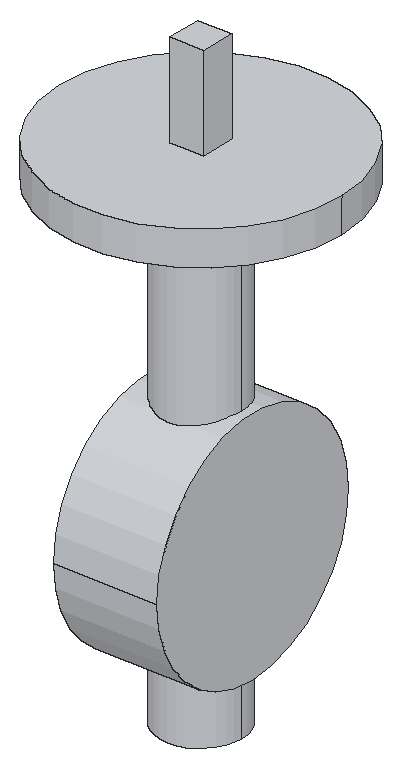
Revit family "HS497-68_disk-nerez_volné vřeteno DN040-RFA_2019", category Pipe Accessories, Revit 2019
Family settings
  Round Connector Dimension = Use Diameter
  Part Type = Valve - Breaks Into
  Work Plane-Based = No
  Always vertical = Yes
  Cut with Voids When Loaded = No
  Shared = No
Parameters (values of type "HS 497-68_DN040_PN16_volné vřeteno")
  magiProductId = "35f92312390745e88df5b5c325d9ee"
  magiProductFamilyId = "53cea81e6f374d17b8841d9c72ad77"
  magiPartTypeId = 305
  isMeasuringValve [instance] = no
  ang2D [instance] = 0.00°
  X11 = 61.456 mm
  X1 = 25.456 mm
  W2D = 1000 mm
  VersionID = "2.0/2017.9.26.1/ZETKAMA_497_001"
  Use Minimum Symbol Size [instance] = yes
  URL = "http://www.hydronic.cz"
  Type Comments = "mezipřírubová; nerezový disk; PN16; -10~+110°C (krátkodobě +120°C)"
  SW30 = no
  SW3 = no
  SW21 = no
  SW20 = no
  SW2 = no
  SW1 = yes
  R = 20 mm
  QmdConnectorList = "301;D;302;D"
  Productdata [instance] = ""
  NC = 50 mm
  Manufacturer = "Hydronic Systems Prague s.r.o."
  MM20 = 25.456 mm
  MC Product Code = "124 040 (nerezový disk, s volným vřetenem; DN40; PN16, kvs78)"
  M41 = 66 mm
  M4 = 44 mm
  LHL = 220 mm
  LHH3 = 2.45 mm
  LHH1 = 46.55 mm
  LH1 = 73.333 mm
  L4R__ve = -L4R  # -12.8 mm
  L4R = 12.8 mm
  L42__ve = -L42  # -96 mm
  L42 = 96 mm
  L41__ve = -L41  # -19.2 mm
  L41 = 19.2 mm
  L2D_Min = 3048 mm
  L2D = 216 mm
  L2 = 16.5 mm
  L1 = 26.4 mm
  L = 33 mm
  H = 30 mm
  G22 = 11.25 mm
  G2 = 22.5 mm
  G1 = 90 mm
  G = 90 mm
  F = 11 mm
  E44 = 31.25 mm
  E42 = 62.5 mm
  E4 = 125 mm
  E23 = 4.9 mm
  E22 = 19.6 mm
  E21 = 9.8 mm
  Description = "Mezipřírubová uzavírací klapka s volným vřetenem; nerezový disk, DN40; PN16; kvs78"
  DR2 = 20 mm
  DR = 76 mm
  DD1 = 15.625 mm
  DD = 12.5 mm
  D = 40 mm
  CAT0 = yes
  B2__ve = -B2  # -36 mm
  B2 = 36 mm
  A2 = 11 mm
  A1 = 79 mm
Types (43, lengths in mm): name | magiProductId | X11 | X1 | Type Comments | SW30 | SW3 | SW20 | SW2 | SW1 | R | NC | Manufacturer | MM20 | MC Product Code | M41 | M4 | LHL | LHH3 | LHH1 | LH1 | L4R__ve | L4R | L42__ve | L42 | L41__ve | L41 | L2 | L1 | L | H | G | F | E44 | E42 | E4 | E23 | E22 | E21 | Description | DR2 | DR | DD1 | DD | D | B2__ve | B2 | A2 | A1
  HS 497-68_DN100_PN16_volné vřeteno | "65d1b245f4f142c78569c0602d5754" | 61.456 | 25.456 | "mezipřírubová; nerezový disk; PN16; -10~+110°C (krátkodobě +120°C)" | no | no | no | no | yes | 50 | 50 | "Hydronic Systems Prague s.r.o." | 25.456 | "124 100 (nerezový disk, s volným vřetenem; DN100; PN16, kvs512)" | 66 | 44 | 220 | 2.45 | 46.55 | 73.333 | -12.8 | 12.8 | -96 | 96 | -19.2 | 19.2 | 26 | 41.6 | 52 | 30 | 90 | 11 | 31.25 | 62.5 | 125 | 4.9 | 19.6 | 9.8 | "Mezipřírubová uzavírací klapka s volným vřetenem; nerezový disk, DN100; PN16; kvs512" | 50 | 147 | 15.625 | 12.5 | 100 | -56 | 56 | 16.5 | 98.5
  HS 497-68_DN100_PN16_převodové kolo | "11e91b807e674d428c8e796fcdcfe2" | 61.456 | 25.456 | "mezipřírubová; nerezový disk; PN16; -10~+110°C (krátkodobě +120°C)" | yes | yes | no | no | no | 50 | 50 | "Hydronic Systems Prague s.r.o." | 25.456 | "126 100 (nerezový disk, s převodovým kolem; DN100; PN16, kvs512)" | 65.25 | 43.5 | 220 | 2.45 | 46.55 | 73.333 | -12.8 | 12.8 | -96 | 96 | -19.2 | 19.2 | 26 | 41.6 | 52 | 30 | 90 | 11 | 31.25 | 62.5 | 125 | 4.9 | 19.6 | 9.8 | "Mezipřírubová uzavírací klapka s převodovým kolem; nerezový disk, DN100; PN16; kvs512" | 50 | 147 | 15.625 | 12.5 | 100 | -56 | 56 | 16.5 | 98.5
  HS 497-68_DN100_PN16_s pákou | "28172f0b3f4b47b28323ac71cf8749" | 61.456 | 25.456 | "mezipřírubová; nerezový disk; PN16; -10~+110°C (krátkodobě +120°C)" | no | no | yes | yes | no | 50 | 50 | "Hydronic Systems Prague s.r.o." | 25.456 | "121 100 (nerezový disk, s pákou; DN100; PN16, kvs512)" | 66 | 44 | 260 | 3 | 57 | 86.667 | -12.8 | 12.8 | -96 | 96 | -19.2 | 19.2 | 26 | 41.6 | 52 | 30 | 90 | 11 | 31.25 | 62.5 | 125 | 6 | 24 | 12 | "Mezipřírubová uzavírací klapka s pákou; nerezový disk, DN100; PN16; kvs512" | 50 | 147 | 15.625 | 12.5 | 100 | -56 | 56 | 16.5 | 98.5
  HS 497-68_DN125_PN16_volné vřeteno | "0d813d910fc14f628bb3c2efbd185c" | 61.456 | 25.456 | "mezipřírubová; nerezový disk; PN16; -10~+110°C (krátkodobě +120°C)" | no | no | no | no | yes | 62.5 | 50 | "Hydronic Systems Prague s.r.o." | 25.456 | "124 125 (nerezový disk, s volným vřetenem; DN125; PN16, kvs872)" | 66 | 44 | 220 | 2.45 | 46.55 | 73.333 | -12.8 | 12.8 | -96 | 96 | -19.2 | 19.2 | 28 | 44.8 | 56 | 33 | 90 | 14 | 31.25 | 62.5 | 125 | 4.9 | 19.6 | 9.8 | "Mezipřírubová uzavírací klapka s volným vřetenem; nerezový disk, DN125; PN16; kvs872" | 62.5 | 180 | 15.625 | 12.5 | 125 | -64 | 64 | 18 | 99.5
  HS 497-68_DN125_PN16_převodové kolo | "c56b7c13f372467684996fb1e0e229" | 61.456 | 25.456 | "mezipřírubová; nerezový disk; PN16; -10~+110°C (krátkodobě +120°C)" | yes | yes | no | no | no | 62.5 | 50 | "Hydronic Systems Prague s.r.o." | 25.456 | "126125 (nerezový disk, s převodovým kolem; DN125; PN16, kvs872)" | 65.25 | 43.5 | 220 | 2.45 | 46.55 | 73.333 | -13.5 | 13.5 | -101.25 | 101.25 | -20.25 | 20.25 | 28 | 44.8 | 56 | 33 | 90 | 14 | 40 | 80 | 160 | 4.9 | 19.6 | 9.8 | "Mezipřírubová uzavírací klapka s převodovým kolem; nerezový disk, DN125; PN16; kvs872" | 62.5 | 180 | 20 | 16 | 125 | -64 | 64 | 18 | 99.5
  HS 497-68_DN125_PN16_s pákou | "105993c79a91492399feef7931321a" | 61.456 | 25.456 | "mezipřírubová; nerezový disk; PN16; -10~+110°C (krátkodobě +120°C)" | no | no | yes | yes | no | 62.5 | 50 | "Hydronic Systems Prague s.r.o." | 25.456 | "121 125 (nerezový disk, s pákou; DN125; PN16, kvs872)" | 66 | 44 | 315 | 3.75 | 71.25 | 105 | -12.8 | 12.8 | -96 | 96 | -19.2 | 19.2 | 28 | 44.8 | 56 | 33 | 90 | 14 | 31.25 | 62.5 | 125 | 7.5 | 30 | 15 | "Mezipřírubová uzavírací klapka s pákou; nerezový disk, DN125; PN16; kvs872" | 62.5 | 180 | 15.625 | 12.5 | 125 | -64 | 64 | 18 | 99.5
  HS 497-68_DN150_PN16_volné vřeteno | "50c80cb8ab434f55ab7796e5ac1331" | 61.456 | 25.456 | "mezipřírubová; nerezový disk; PN16; -10~+110°C (krátkodobě +120°C)" | no | no | no | no | yes | 75 | 50 | "Hydronic Systems Prague s.r.o." | 25.456 | "124 150 (nerezový disk, s volným vřetenem; DN150; PN16, kvs1347)" | 66 | 44 | 220 | 2.45 | 46.55 | 73.333 | -12.8 | 12.8 | -96 | 96 | -19.2 | 19.2 | 28 | 44.8 | 56 | 33 | 90 | 14 | 31.25 | 62.5 | 125 | 4.9 | 19.6 | 9.8 | "Mezipřírubová uzavírací klapka s volným vřetenem; nerezový disk, DN150; PN16; kvs1347" | 75 | 206 | 15.625 | 12.5 | 150 | -58 | 58 | 19.3 | 98.7
  HS 497-68_DN150_PN16_převodové kolo | "d94a1a0cf83b476eb10011b327f709" | 61.456 | 25.456 | "mezipřírubová; nerezový disk; PN16; -10~+110°C (krátkodobě +120°C)" | yes | yes | no | no | no | 75 | 50 | "Hydronic Systems Prague s.r.o." | 25.456 | "126 150 (nerezový disk, s převodovým kolem; DN150; PN16, kvs1347)" | 65.25 | 43.5 | 220 | 2.45 | 46.55 | 73.333 | -13.5 | 13.5 | -101.25 | 101.25 | -20.25 | 20.25 | 28 | 44.8 | 56 | 33 | 90 | 14 | 40 | 80 | 160 | 4.9 | 19.6 | 9.8 | "Mezipřírubová uzavírací klapka s převodovým kolem; nerezový disk, DN150; PN16; kvs1347" | 75 | 206 | 20 | 16 | 150 | -58 | 58 | 19.3 | 98.7
  HS 497-68_DN150_PN16_s pákou | "4d2835523fe84828bc50ff0a5a0dfb" | 61.456 | 25.456 | "mezipřírubová; nerezový disk; PN16; -10~+110°C (krátkodobě +120°C)" | no | no | yes | yes | no | 75 | 50 | "Hydronic Systems Prague s.r.o." | 25.456 | "121 150 (nerezový disk, s pákou; DN150; PN16, kvs1347)" | 66 | 44 | 315 | 3.75 | 71.25 | 105 | -12.8 | 12.8 | -96 | 96 | -19.2 | 19.2 | 28 | 44.8 | 56 | 33 | 90 | 14 | 31.25 | 62.5 | 125 | 7.5 | 30 | 15 | "Mezipřírubová uzavírací klapka s pákou; nerezový disk, DN150; PN16; kvs1347" | 75 | 206 | 15.625 | 12.5 | 150 | -58 | 58 | 19.3 | 98.7
  HS 497-68_DN200_PN16_volné vřeteno | "5b29029eaeba47139ee1055a4b9201" | 61.456 | 25.456 | "mezipřírubová; nerezový disk; PN16; -10~+110°C (krátkodobě +120°C)" | no | no | no | no | yes | 100 | 50 | "Hydronic Systems Prague s.r.o." | 25.456 | "124 200 (nerezový disk, s volným vřetenem; DN200; PN16, kvs2675)" | 66 | 44 | 220 | 2.45 | 46.55 | 73.333 | -12.8 | 12.8 | -96 | 96 | -19.2 | 19.2 | 30 | 48 | 60 | 33 | 90 | 17 | 31.25 | 62.5 | 125 | 4.9 | 19.6 | 9.8 | "Mezipřírubová uzavírací klapka s volným vřetenem; nerezový disk, DN200; PN16; kvs2675" | 100 | 257 | 15.625 | 12.5 | 200 | -70 | 70 | 22.5 | 102.5
  HS 497-68_DN200_PN16_převodové kolo | "b2793cc1fcc44cf2a35062cd67c04f" | 61.456 | 25.456 | "mezipřírubová; nerezový disk; PN16; -10~+110°C (krátkodobě +120°C)" | yes | yes | no | no | no | 100 | 57 | "Hydronic Systems Prague s.r.o." | 25.456 | "126 200 (nerezový disk, s převodovým kolem; DN200; PN16, kvs2675)" | 78.75 | 52.5 | 220 | 2.45 | 46.55 | 73.333 | -15.2 | 15.2 | -114 | 114 | -22.8 | 22.8 | 30 | 48 | 60 | 33 | 90 | 17 | 50 | 100 | 200 | 4.9 | 19.6 | 9.8 | "Mezipřírubová uzavírací klapka s převodovým kolem; nerezový disk, DN200; PN16; kvs2675" | 100 | 257 | 25 | 20 | 200 | -70 | 70 | 22.5 | 102.5
  HS 497-68_DN200_PN16_s pákou | "f88d96c7af224537a51e72d7d8fffe" | 61.456 | 25.456 | "mezipřírubová; nerezový disk; PN16; -10~+110°C (krátkodobě +120°C)" | no | no | yes | yes | no | 100 | 50 | "Hydronic Systems Prague s.r.o." | 25.456 | "121 200 (nerezový disk, s pákou; DN200; PN16, kvs2675)" | 66 | 44 | 315 | 3.75 | 71.25 | 105 | -12.8 | 12.8 | -96 | 96 | -19.2 | 19.2 | 30 | 48 | 60 | 33 | 90 | 17 | 31.25 | 62.5 | 125 | 7.5 | 30 | 15 | "Mezipřírubová uzavírací klapka s pákou; nerezový disk, DN200; PN16; kvs2675" | 100 | 257 | 15.625 | 12.5 | 200 | -70 | 70 | 22.5 | 102.5
  HS 497-68_DN250_PN16_volné vřeteno | "b662e8305ca2402b9c510e66e6aa55" | 88.77 | 36.77 | "mezipřírubová; nerezový disk; PN16; -10~+110°C (krátkodobě +120°C)" | no | no | no | no | yes | 125 | 50 | "Hydronic Systems Prague s.r.o." | 36.77 | "124 250 (nerezový disk, s volným vřetenem; DN250; PN16, kvs4555)" | 66 | 44 | 220 | 2.45 | 46.55 | 73.333 | -12.8 | 12.8 | -96 | 96 | -19.2 | 19.2 | 34 | 54.4 | 68 | 23 | 130 | 22 | 31.25 | 62.5 | 125 | 4.9 | 19.6 | 9.8 | "Mezipřírubová uzavírací klapka s volným vřetenem; nerezový disk, DN250; PN16; kvs4555" | 125 | 324 | 15.625 | 12.5 | 250 | -85 | 85 | 28.25 | 129.25
  HS 497-68_DN250_PN16_převodové kolo | "5ee9016806664ddfaa2632711f295c" | 88.77 | 36.77 | "mezipřírubová; nerezový disk; PN16; -10~+110°C (krátkodobě +120°C)" | yes | yes | no | no | no | 125 | 70 | "Hydronic Systems Prague s.r.o." | 36.77 | "126 250 (nerezový disk, s převodovým kolem; DN250; PN16, kvs4555)" | 91.5 | 61 | 220 | 2.45 | 46.55 | 73.333 | -22.2 | 22.2 | -166.5 | 166.5 | -33.3 | 33.3 | 34 | 54.4 | 68 | 23 | 130 | 22 | 62.5 | 125 | 250 | 4.9 | 19.6 | 9.8 | "Mezipřírubová uzavírací klapka s převodovým kolem; nerezový disk, DN250; PN16; kvs4555" | 125 | 324 | 31.25 | 25 | 250 | -85 | 85 | 28.25 | 129.25
  HS 497-68_DN300_PN16_volné vřeteno | "e1886f51ff004380a649519258edf2" | 88.77 | 36.77 | "mezipřírubová; nerezový disk; PN16; -10~+110°C (krátkodobě +120°C)" | no | no | no | no | yes | 150 | 50 | "Hydronic Systems Prague s.r.o." | 36.77 | "124 300 (nerezový disk, s volným vřetenem; DN300; PN16, kvs7037)" | 66 | 44 | 220 | 2.45 | 46.55 | 73.333 | -12.8 | 12.8 | -96 | 96 | -19.2 | 19.2 | 39 | 62.4 | 78 | 23 | 130 | 22 | 31.25 | 62.5 | 125 | 4.9 | 19.6 | 9.8 | "Mezipřírubová uzavírací klapka s volným vřetenem; nerezový disk, DN300; PN16; kvs7037" | 150 | 376 | 15.625 | 12.5 | 300 | -90 | 90 | 30.8 | 127.2
  HS 497-68_DN300_PN16_převodové kolo | "6860f094f77d42088fbebc3c97f755" | 88.77 | 36.77 | "mezipřírubová; nerezový disk; PN16; -10~+110°C (krátkodobě +120°C)" | yes | yes | no | no | no | 150 | 70 | "Hydronic Systems Prague s.r.o." | 36.77 | "126 300 (nerezový disk, s převodovým kolem; DN300; PN16, kvs7037)" | 91.5 | 61 | 220 | 2.45 | 46.55 | 73.333 | -22.2 | 22.2 | -166.5 | 166.5 | -33.3 | 33.3 | 39 | 62.4 | 78 | 23 | 130 | 22 | 62.5 | 125 | 250 | 4.9 | 19.6 | 9.8 | "Mezipřírubová uzavírací klapka s převodovým kolem; nerezový disk, DN300; PN16; kvs7037" | 150 | 376 | 31.25 | 25 | 300 | -90 | 90 | 30.8 | 127.2
  HS 497-68_DN032_PN16_volné vřeteno | "8c5f65de52aa4067a77564107e31b2" | 61.456 | 25.456 | "mezipřírubová; nerezový disk; PN16; -10~+110°C (krátkodobě +120°C)" | no | no | no | no | yes | 16 | 50 | "Hydronic Systems Prague s.r.o." | 25.456 | "124 032 (nerezový disk, s volným vřetenem; DN32; PN16, kvs78)" | 66 | 44 | 220 | 2.45 | 46.55 | 73.333 | -12.8 | 12.8 | -96 | 96 | -19.2 | 19.2 | 16.5 | 26.4 | 33 | 30 | 90 | 11 | 31.25 | 62.5 | 125 | 4.9 | 19.6 | 9.8 | "Mezipřírubová uzavírací klapka s volným vřetenem; nerezový disk, DN32; PN16; kvs78" | 16 | 68 | 15.625 | 12.5 | 32 | -44.2 | 44.2 | 10.25 | 76.25
  HS 497-68_DN032_PN16_převodové kolo | "60aaeffa8b3a4e809ef000e4660060" | 61.456 | 25.456 | "mezipřírubová; nerezový disk; PN16; -10~+110°C (krátkodobě +120°C)" | yes | yes | no | no | no | 16 | 50 | "Hydronic Systems Prague s.r.o." | 25.456 | "126 032 (nerezový disk, s převodovým kolem; DN32; PN16, kvs78)" | 65.25 | 43.5 | 220 | 2.45 | 46.55 | 73.333 | -12.8 | 12.8 | -96 | 96 | -19.2 | 19.2 | 16.5 | 26.4 | 33 | 30 | 90 | 11 | 31.25 | 62.5 | 125 | 4.9 | 19.6 | 9.8 | "Mezipřírubová uzavírací klapka s převodovým kolem; nerezový disk, DN32; PN16; kvs78" | 16 | 68 | 15.625 | 12.5 | 32 | -44.2 | 44.2 | 10.25 | 76.25
  HS 497-68_DN032_PN16_s pákou | "9ad8088d610749a1b871aa2aad8007" | 61.456 | 25.456 | "mezipřírubová; nerezový disk; PN16; -10~+110°C (krátkodobě +120°C)" | no | no | yes | yes | no | 16 | 50 | "Hydronic Systems Prague s.r.o." | 25.456 | "121 032 (nerezový disk, s pákou; DN32; PN16, kvs78)" | 66 | 44 | 220 | 2.45 | 46.55 | 73.333 | -12.8 | 12.8 | -96 | 96 | -19.2 | 19.2 | 16.5 | 26.4 | 33 | 30 | 90 | 11 | 31.25 | 62.5 | 125 | 4.9 | 19.6 | 9.8 | "Mezipřírubová uzavírací klapka s pákou; nerezový disk, DN32; PN16; kvs78" | 16 | 68 | 15.625 | 12.5 | 32 | -44.2 | 44.2 | 10.25 | 76.25
  HS 497-68_DN350_PN10_volné vřeteno | "72a1e05f22944421b7e9596a877137" | 109.255 | 45.255 | "mezipřírubová; nerezový disk; PN10; -10~+110°C (krátkodobě +120°C)" | no | no | no | no | yes | 175 | 50 | "Hydronic Systems Prague s.r.o." | 45.255 | "124 350 (nerezový disk, s volným vřetenem; DN350; PN10, kvs10165)" | 66 | 44 | 220 | 2.45 | 46.55 | 73.333 | -12.8 | 12.8 | -96 | 96 | -19.2 | 19.2 | 39 | 62.4 | 78 | 31 | 160 | 22 | 31.25 | 62.5 | 125 | 4.9 | 19.6 | 9.8 | "Mezipřírubová uzavírací klapka s volným vřetenem; nerezový disk, DN350; PN10; kvs10165" | 175 | 430 | 15.625 | 12.5 | 350 | -88 | 88 | 33.85 | 129.65
  HS 497-68_DN350_PN10_převodové kolo | "a5a01426cb28494ba3afca92f1dace" | 109.255 | 45.255 | "mezipřírubová; nerezový disk; PN10; -10~+110°C (krátkodobě +120°C)" | yes | yes | no | no | no | 175 | 70 | "Hydronic Systems Prague s.r.o." | 45.255 | "126 350 (nerezový disk, s převodovým kolem; DN350; PN10, kvs10165)" | 91.5 | 61 | 220 | 2.45 | 46.55 | 73.333 | -22.2 | 22.2 | -166.5 | 166.5 | -33.3 | 33.3 | 39 | 62.4 | 78 | 31 | 160 | 22 | 62.5 | 125 | 250 | 4.9 | 19.6 | 9.8 | "Mezipřírubová uzavírací klapka s převodovým kolem; nerezový disk, DN350; PN10; kvs10165" | 175 | 430 | 31.25 | 25 | 350 | -88 | 88 | 33.85 | 129.65
  HS 497-68_DN400_PN10_volné vřeteno | "c70ebeb927c04ab99b176e257ad0a7" | 109.255 | 45.255 | "mezipřírubová; nerezový disk; PN10; -10~+110°C (krátkodobě +120°C)" | no | no | no | no | yes | 200 | 50 | "Hydronic Systems Prague s.r.o." | 45.255 | "124 400 (nerezový disk, s volným vřetenem; DN400; PN10, kvs13799)" | 66 | 44 | 220 | 2.45 | 46.55 | 73.333 | -12.8 | 12.8 | -96 | 96 | -19.2 | 19.2 | 51 | 81.6 | 102 | 31 | 160 | 27 | 31.25 | 62.5 | 125 | 4.9 | 19.6 | 9.8 | "Mezipřírubová uzavírací klapka s volným vřetenem; nerezový disk, DN400; PN10; kvs13799" | 200 | 485 | 15.625 | 12.5 | 400 | -108 | 108 | 38 | 142
  HS 497-68_DN400_PN10_převodové kolo | "cc64a4384dcb41b780d81810f4f293" | 109.255 | 45.255 | "mezipřírubová; nerezový disk; PN10; -10~+110°C (krátkodobě +120°C)" | yes | yes | no | no | no | 200 | 72.5 | "Hydronic Systems Prague s.r.o." | 45.255 | "126 400 (nerezový disk, s převodovým kolem; DN400; PN10, kvs13799)" | 103.5 | 69 | 220 | 2.45 | 46.55 | 73.333 | -27.8 | 27.8 | -208.5 | 208.5 | -41.7 | 41.7 | 51 | 81.6 | 102 | 31 | 160 | 27 | 75 | 150 | 300 | 4.9 | 19.6 | 9.8 | "Mezipřírubová uzavírací klapka s převodovým kolem; nerezový disk, DN400; PN10; kvs13799" | 200 | 485 | 37.5 | 30 | 400 | -108 | 108 | 38 | 142
  HS 497-68_DN040_PN16_volné vřeteno | "35f92312390745e88df5b5c325d9ee" | 61.456 | 25.456 | "mezipřírubová; nerezový disk; PN16; -10~+110°C (krátkodobě +120°C)" | no | no | no | no | yes | 20 | 50 | "Hydronic Systems Prague s.r.o." | 25.456 | "124 040 (nerezový disk, s volným vřetenem; DN40; PN16, kvs78)" | 66 | 44 | 220 | 2.45 | 46.55 | 73.333 | -12.8 | 12.8 | -96 | 96 | -19.2 | 19.2 | 16.5 | 26.4 | 33 | 30 | 90 | 11 | 31.25 | 62.5 | 125 | 4.9 | 19.6 | 9.8 | "Mezipřírubová uzavírací klapka s volným vřetenem; nerezový disk, DN40; PN16; kvs78" | 20 | 76 | 15.625 | 12.5 | 40 | -36 | 36 | 11 | 79
  HS 497-68_DN040_PN16_převodové kolo | "d88e968eae3445bc9b7b4e6ff35127" | 61.456 | 25.456 | "mezipřírubová; nerezový disk; PN16; -10~+110°C (krátkodobě +120°C)" | yes | yes | no | no | no | 20 | 50 | "Hydronic Systems Prague s.r.o." | 25.456 | "126 040 (nerezový disk, s převodovým kolem; DN40; PN16, kvs78)" | 65.25 | 43.5 | 220 | 2.45 | 46.55 | 73.333 | -12.8 | 12.8 | -96 | 96 | -19.2 | 19.2 | 16.5 | 26.4 | 33 | 30 | 90 | 11 | 31.25 | 62.5 | 125 | 4.9 | 19.6 | 9.8 | "Mezipřírubová uzavírací klapka s převodovým kolem; nerezový disk, DN40; PN16; kvs78" | 20 | 76 | 15.625 | 12.5 | 40 | -36 | 36 | 11 | 79
  HS 497-68_DN040_PN16_s pákou | "c1b522ca65b4407a98818f232eaacb" | 61.456 | 25.456 | "mezipřírubová; nerezový disk; PN16; -10~+110°C (krátkodobě +120°C)" | no | no | yes | yes | no | 20 | 50 | "Hydronic Systems Prague s.r.o." | 25.456 | "121 040 (nerezový disk, s pákou; DN40; PN16, kvs78)" | 66 | 44 | 220 | 2.45 | 46.55 | 73.333 | -12.8 | 12.8 | -96 | 96 | -19.2 | 19.2 | 16.5 | 26.4 | 33 | 30 | 90 | 11 | 31.25 | 62.5 | 125 | 4.9 | 19.6 | 9.8 | "Mezipřírubová uzavírací klapka s pákou; nerezový disk, DN40; PN16; kvs78" | 20 | 76 | 15.625 | 12.5 | 40 | -36 | 36 | 11 | 79
  HS 497-68_DN450_PN10_volné vřeteno | "a8358bc282f14872b3194e530e590a" | 129.74 | 53.74 | "mezipřírubová; nerezový disk; PN10; -10~+110°C (krátkodobě +120°C)" | no | no | no | no | yes | 225 | 50 | "Hydronic Systems Prague s.r.o." | 53.74 | "124 450 (nerezový disk, s volným vřetenem; DN450; PN10, kvs18514)" | 66 | 44 | 220 | 2.45 | 46.55 | 73.333 | -12.8 | 12.8 | -96 | 96 | -19.2 | 19.2 | 57 | 91.2 | 114 | 38 | 190 | 36 | 31.25 | 62.5 | 125 | 4.9 | 19.6 | 9.8 | "Mezipřírubová uzavírací klapka s volným vřetenem; nerezový, DN450; PN10; kvs18514" | 225 | 536 | 15.625 | 12.5 | 450 | -115 | 115 | 38.05 | 117.45
  HS 497-68_DN450_PN10_převodové kolo | "cdf2d80f54a9414f9cbe50647c0ebd" | 129.74 | 53.74 | "mezipřírubová; nerezový disk; PN10; -10~+110°C (krátkodobě +120°C)" | yes | yes | no | no | no | 225 | 91.5 | "Zetkama" | 53.74 | "126 450 (nerezový disk, s převodovým kolem; DN450; PN10, kvs18514)" | 144.75 | 96.5 | 220 | 2.45 | 46.55 | 73.333 | -32.1 | 32.1 | -240.75 | 240.75 | -48.15 | 48.15 | 57 | 91.2 | 114 | 38 | 190 | 36 | 100 | 200 | 400 | 4.9 | 19.6 | 9.8 | "Mezipřírubová uzavírací klapka s převodovým kolem; nerezový disk, DN450; PN10; kvs18514" | 225 | 536 | 50 | 40 | 450 | -115 | 115 | 38.05 | 117.45
  HS 497-68_DN500_PN10_volné vřeteno | "8c396e27bb2743f98f3c762b6517cd" | 143.397 | 59.397 | "mezipřírubová; nerezový disk; PN10; -10~+110°C (krátkodobě +120°C)" | no | no | no | no | yes | 250 | 50 | "Hydronic Systems Prague s.r.o." | 59.397 | "124 500 (nerezový disk, s volným vřetenem; DN500; PN10, kvs23805)" | 66 | 44 | 220 | 2.45 | 46.55 | 73.333 | -12.8 | 12.8 | -96 | 96 | -19.2 | 19.2 | 63.5 | 101.6 | 127 | 38 | 210 | 36 | 31.25 | 62.5 | 125 | 4.9 | 19.6 | 9.8 | "Mezipřírubová uzavírací klapka s volným vřetenem; nerezový disk, DN500; PN10; kvs23805" | 250 | 593 | 15.625 | 12.5 | 500 | -130 | 130 | 43.25 | 139.25
  HS 497-68_DN500_PN10_převodové kolo | "7647804f32e94cef828a7034a91a46" | 143.397 | 59.397 | "mezipřírubová; nerezový disk; PN10; -10~+110°C (krátkodobě +120°C)" | yes | yes | no | no | no | 250 | 91.5 | "Zetkama" | 59.397 | "126 500 (nerezový disk, s převodovým kolem; DN500; PN10, kvs23805)" | 144.75 | 96.5 | 220 | 2.45 | 46.55 | 73.333 | -32.1 | 32.1 | -240.75 | 240.75 | -48.15 | 48.15 | 63.5 | 101.6 | 127 | 38 | 210 | 36 | 100 | 200 | 400 | 4.9 | 19.6 | 9.8 | "Mezipřírubová uzavírací klapka s převodovým kolem; nerezový disk, DN500; PN10; kvs23805" | 250 | 593 | 50 | 40 | 500 | -130 | 130 | 43.25 | 139.25
  HS 497-68_DN050_volné vřeteno | "d71f296ecd6d4adf8f6e5d9853b4e0" | 61.456 | 25.456 | "mezipřírubová; nerezový disk; PN16; -10~+110°C (krátkodobě +120°C)" | no | no | no | no | yes | 25 | 50 | "Hydronic Systems Prague s.r.o." | 25.456 | "124 050 (nerezový disk, s volným vřetenem; DN50; PN16, kvs98)" | 66 | 44 | 220 | 2.45 | 46.55 | 73.333 | -12.8 | 12.8 | -96 | 96 | -19.2 | 19.2 | 21.5 | 34.4 | 43 | 30 | 90 | 11 | 31.25 | 62.5 | 125 | 4.9 | 19.6 | 9.8 | "Mezipřírubová uzavírací klapka s volným vřetenem; nerezový disk, DN50; PN16; kvs98" | 25 | 100 | 15.625 | 12.5 | 50 | -36.5 | 36.5 | 12 | 83
  HS 497-68_DN050_PN16_převodové kolo | "2fb080deeaed49c58418b94c1da5a4" | 61.456 | 25.456 | "mezipřírubová; nerezový disk; PN16; -10~+110°C (krátkodobě +120°C)" | yes | yes | no | no | no | 25 | 50 | "Hydronic Systems Prague s.r.o." | 25.456 | "126 050 (nerezový disk, s převodovým kolem; DN50; PN16, kvs98)" | 65.25 | 43.5 | 220 | 2.45 | 46.55 | 73.333 | -12.8 | 12.8 | -96 | 96 | -19.2 | 19.2 | 21.5 | 34.4 | 43 | 30 | 90 | 11 | 31.25 | 62.5 | 125 | 4.9 | 19.6 | 9.8 | "Mezipřírubová uzavírací klapka s převodovým kolem; nerezový disk, DN50; PN16; kvs98" | 25 | 100 | 15.625 | 12.5 | 50 | -36.5 | 36.5 | 12 | 83
  HS 497-68_DN050_PN16_s pákou | "dabc632061f94877a994b9b4e68112" | 61.456 | 25.456 | "mezipřírubová; nerezový disk; PN16; -10~+110°C (krátkodobě +120°C)" | no | no | yes | yes | no | 25 | 50 | "Hydronic Systems Prague s.r.o." | 25.456 | "121 050 (nerezový disk, s pákou; DN50; PN16, kvs98)" | 66 | 44 | 220 | 2.45 | 46.55 | 73.333 | -12.8 | 12.8 | -96 | 96 | -19.2 | 19.2 | 21.5 | 34.4 | 43 | 30 | 90 | 11 | 31.25 | 62.5 | 125 | 4.9 | 19.6 | 9.8 | "Mezipřírubová uzavírací klapka s pákou; nerezový disk, DN50; PN16; kvs98" | 25 | 100 | 15.625 | 12.5 | 50 | -36.5 | 36.5 | 12 | 83
  HS 497-68_DN600_PN10_volné vřeteno | "99d5892c14664fce81a7c5903f7711" | 143.397 | 59.397 | "mezipřírubová; nerezový disk; PN10; -10~+110°C (krátkodobě +120°C)" | no | no | no | no | yes | 300 | 50 | "Hydronic Systems Prague s.r.o." | 59.397 | "124 600 (nerezový disk, s volným vřetenem; DN600; PN10, kvs36778)" | 66 | 44 | 220 | 2.45 | 46.55 | 73.333 | -12.8 | 12.8 | -96 | 96 | -19.2 | 19.2 | 77 | 123.2 | 154 | 80 | 210 | 60 | 31.25 | 62.5 | 125 | 4.9 | 19.6 | 9.8 | "Mezipřírubová uzavírací klapka s volným vřetenem; nerezový disk, DN600; PN10; kvs36788" | 300 | 690 | 15.625 | 12.5 | 600 | -140 | 140 | 49.4 | 144.6
  HS 497-68_DN600_PN10_převodové kolo | "b1e26faab48a4c499f6bb11e7e3002" | 143.397 | 59.397 | "mezipřírubová; lnerezový disk; PN10; -10~+110°C (krátkodobě +120°C)" | yes | yes | no | no | no | 300 | 140 | "Hydronic Systems Prague s.r.o." | 59.397 | "126 600 (nerezový disk, s převodovým kolem; DN600; PN10, kvs36778)" | 206.25 | 137.5 | 220 | 2.45 | 46.55 | 73.333 | -40.8 | 40.8 | -306 | 306 | -61.2 | 61.2 | 77 | 123.2 | 154 | 80 | 210 | 60 | 125 | 250 | 500 | 4.9 | 19.6 | 9.8 | "Mezipřírubová uzavírací klapka s převodovým kolem; nerezový disk, DN600; PN10; kvs36788" | 300 | 690 | 62.5 | 50 | 600 | -140 | 140 | 49.4 | 144.6
  HS 497-68_DN065_PN16_volné vřeteno | "5e5e208646e34ec29f889baab5d08e" | 61.456 | 25.456 | "mezipřírubová; lnerezový disk; PN16; -10~+110°C (krátkodobě +120°C)" | no | no | no | no | yes | 32.5 | 50 | "Hydronic Systems Prague s.r.o." | 25.456 | "124 065 (nerezový disk, s volným vřetenem; DN65; PN16, kvs167)" | 66 | 44 | 220 | 2.45 | 46.55 | 73.333 | -12.8 | 12.8 | -96 | 96 | -19.2 | 19.2 | 23 | 36.8 | 46 | 30 | 90 | 11 | 31.25 | 62.5 | 125 | 4.9 | 19.6 | 9.8 | "Mezipřírubová uzavírací klapka s volným vřetenem; nerezový disk, DN65; PN16; kv167" | 32.5 | 108 | 15.625 | 12.5 | 65 | -36.5 | 36.5 | 13.5 | 89
  HS 497-68_DN065_PN16_převodové kolo | "654d74c8d15540b0bfe523d988ccb3" | 61.456 | 25.456 | "mezipřírubová; nerezový disk; PN16; -10~+110°C (krátkodobě +120°C)" | yes | yes | no | no | no | 32.5 | 50 | "Hydronic Systems Prague s.r.o." | 25.456 | "126 065 (nerezový disk, s převodovým kolem; DN65; PN16, kvs167)" | 65.25 | 43.5 | 220 | 2.45 | 46.55 | 73.333 | -12.8 | 12.8 | -96 | 96 | -19.2 | 19.2 | 23 | 36.8 | 46 | 30 | 90 | 11 | 31.25 | 62.5 | 125 | 4.9 | 19.6 | 9.8 | "Mezipřírubová uzavírací klapka s převodovým kolem; nerezový disk, DN65; PN16; kvs167" | 32.5 | 108 | 15.625 | 12.5 | 65 | -36.5 | 36.5 | 13.5 | 89
  HS 497-68_DN065_PN16_s pákou | "ebeb4b59db0641caaf6d6635ab37b9" | 61.456 | 25.456 | "mezipřírubová; nerezový disk; PN16; -10~+110°C (krátkodobě +120°C)" | no | no | yes | yes | no | 32.5 | 50 | "Hydronic Systems Prague s.r.o." | 25.456 | "121 065 (nerezový disk, s pákou; DN65; PN16, kvs167)" | 66 | 44 | 220 | 2.45 | 46.55 | 73.333 | -12.8 | 12.8 | -96 | 96 | -19.2 | 19.2 | 23 | 36.8 | 46 | 30 | 90 | 11 | 31.25 | 62.5 | 125 | 4.9 | 19.6 | 9.8 | "Mezipřírubová uzavírací klapka s pákou; nerezový disk, DN65; PN16; kvs167" | 32.5 | 108 | 15.625 | 12.5 | 65 | -36.5 | 36.5 | 13.5 | 89
  HS 497-68_DN080_PN16_volné vřeteno | "9e85c75c18654e1185a9c48ed6b00e" | 61.456 | 25.456 | "mezipřírubová; nerezový disk; PN16; -10~+110°C (krátkodobě +120°C)" | no | no | no | no | yes | 40 | 50 | "Hydronic Systems Prague s.r.o." | 25.456 | "124 080 (nerezový disk, s volným vřetenem; DN80; PN16, kvs258)" | 66 | 44 | 220 | 2.45 | 46.55 | 73.333 | -12.8 | 12.8 | -96 | 96 | -19.2 | 19.2 | 23 | 36.8 | 46 | 30 | 90 | 11 | 31.25 | 62.5 | 125 | 4.9 | 19.6 | 9.8 | "Mezipřírubová uzavírací klapka s volným vřetenem; nerezový disk, DN80; PN16; kvs258" | 40 | 124 | 15.625 | 12.5 | 80 | -54 | 54 | 14.1 | 86.9
  HS 497-68_DN080_PN16_převodové kolo | "5b3c8238c3d041e68c75b199e7ea46" | 61.456 | 25.456 | "mezipřírubová; nerezový disk; PN16; -10~+110°C (krátkodobě +120°C)" | yes | yes | no | no | no | 40 | 50 | "Hydronic Systems Prague s.r.o." | 25.456 | "126 080 (nerezový disk, s převodovým kolem; DN80; PN16, kvs258)" | 65.25 | 43.5 | 220 | 2.45 | 46.55 | 73.333 | -12.8 | 12.8 | -96 | 96 | -19.2 | 19.2 | 23 | 36.8 | 46 | 30 | 90 | 11 | 31.25 | 62.5 | 125 | 4.9 | 19.6 | 9.8 | "Mezipřírubová uzavírací klapka s převodovým kolem; nerezový disk, DN80; PN16; kvs258" | 40 | 124 | 15.625 | 12.5 | 80 | -54 | 54 | 14.1 | 86.9
  HS 497-68_DN080_PN16_s pákou | "e414795fab0f4eccb99bc3572c5477" | 61.456 | 25.456 | "mezipřírubová; nerezový disk; PN16; -10~+110°C (krátkodobě +120°C)" | no | no | yes | yes | no | 40 | 50 | "Hydronic Systems Prague s.r.o." | 25.456 | "121 080 (nerezový disk, s pákou; DN80; PN16, kvs258)" | 66 | 44 | 260 | 3 | 57 | 86.667 | -12.8 | 12.8 | -96 | 96 | -19.2 | 19.2 | 23 | 36.8 | 46 | 30 | 90 | 11 | 31.25 | 62.5 | 125 | 6 | 24 | 12 | "Mezipřírubová uzavírací klapka s pákou; nerezový disk, DN80; PN16; kvs258" | 40 | 124 | 15.625 | 12.5 | 80 | -54 | 54 | 14.1 | 86.9
  HS 497-68_DN250_PN16_s pákou | "" | 88.77 | 36.77 | "mezipřírubová; nerezový disk; PN16; -10~+110°C (krátkodobě +120°C)" | no | no | yes | yes | no | 125 | 70 | "Hydronic Systems Prague s.r.o." | 36.77 | "121 250 (nerezový disk, s ákou; DN250; PN16, kvs4555)" | 91.5 | 61 | 220 | 2.45 | 46.55 | 73.333 | -22.2 | 22.2 | -166.5 | 166.5 | -33.3 | 33.3 | 34 | 54.4 | 68 | 23 | 130 | 22 | 62.5 | 125 | 250 | 4.9 | 19.6 | 9.8 | "Mezipřírubová uzavírací klapka s pákou; nerezový disk, DN250; PN16; kvs4555" | 125 | 324 | 31.25 | 25 | 250 | -85 | 85 | 28.25 | 129.25
  HS 497-68_DN300_PN16_s pákou | "" | 88.77 | 36.77 | "mezipřírubová; nerezový disk; PN16; -10~+110°C (krátkodobě +120°C)" | no | no | yes | yes | no | 150 | 70 | "Hydronic Systems Prague s.r.o." | 36.77 | "121 300 (nerezový disk, s pákou; DN300; PN16, kvs7037)" | 91.5 | 61 | 220 | 2.45 | 46.55 | 73.333 | -22.2 | 22.2 | -166.5 | 166.5 | -33.3 | 33.3 | 39 | 62.4 | 78 | 23 | 130 | 22 | 62.5 | 125 | 250 | 4.9 | 19.6 | 9.8 | "Mezipřírubová uzavírací klapka s pákou; nerezový disk, DN300; PN16; kvs7037" | 150 | 376 | 31.25 | 25 | 300 | -90 | 90 | 30.8 | 127.2
Reference planes
  plane 1 "Center (Front/Back)": y = 0
  plane 2 "XYPLANE": z = 0
  plane 3 "Center (Left/Right)": x = 0
  plane 4 "473": x = -25.456
  plane 5 "472": x = -66
  plane 6 "471": y = -25.456
  plane 7 "470": y = 25.456
  plane 8 "469": x = -44
  plane 9 "468": y = -115.2
  plane 10 "467": y = -96
  plane 11 "466": z = 141.25
  plane 12 "465": z = 156.55
  plane 13 "464": y = 145.417
  plane 14 "463": z = 146.75
  plane 15 "462": z = 129.6
  plane 16 "461": z = 139.4
  plane 17 "460": y = 72.083
  plane 18 "459": x = -11.25
  plane 19 "458": x = 11.25
  plane 20 "457": y = -6.25
  plane 21 "456": x = -17.5
  plane 22 "455": x = 17.5
  plane 23 "454": z = 144.3
  plane 24 "453": y = 62.083
  plane 25 "452": y = -11.25
  plane 26 "451": x = -22.5
  plane 27 "450": x = 22.5
  plane 28 "449": z = 124.7
  plane 29 "448": z = 119.8
  plane 30 "447": z = -20
  plane 31 "446": z = 110
  plane 32 "445": z = 99
  plane 33 "444": z = 20
  plane 34 "443": x = 16.5
  plane 35 "442": x = -16.5
  plane 36 "441": z = 0
  plane 37 "440": y = 0
  plane 38 "439": x = 0
  plane 39 "438": z = 159
  plane 40 "437": z = 144.3
  plane 41 "436": x = 13.7
  plane 42 "435": x = -13.7
  plane 43 "434": y = 220
Forms (mm)
  Extrusion 1, solid, visible <- "SW3"
    sketch origin (-750, 0, 110) x (1, 0, 0) y (0, 1, 0)
      loop
        line (684, 25.456) -> (684, -25.456) -> (724.544, -25.456)
        arc (724.544, -25.456) -> (786, 0) -> (724.544, 25.456) r 36
        line (724.544, 25.456) -> (684, 25.456)
    from 0 to 62.5 <- "E42"
  Extrusion 2, solid, visible <- "SW30"
    sketch origin (0, -750, 0) x (0, 1, 0) y (0, 0, 1)
      loop
        circle (750, 141.25) r 7.813
    from 0 to 50 <- "NC"
  Extrusion 3, solid, visible <- "SW30"
    sketch origin (750, -115.2, 0) x (-1, 0, 0) y (0, 0, 1)
      loop
        circle (794, 141.25) r 62.5
    from 0 to -12.8 <- "L4R__ve"
  Extrusion 4, solid, visible <- "SW3"
    sketch origin (750, -96, 0) x (-1, 0, 0) y (0, 0, 1)
      loop
        circle (794, 141.25) r 7.813
    from 0 to -19.2 <- "L41__ve"
  Extrusion 5, solid, visible <- "SW30"
    sketch origin (750, 0, 0) x (-1, 0, 0) y (0, 0, 1)
      loop
        circle (794, 141.25) r 6.25
    from 0 to -96 <- "L42__ve"
  Blend 6, solid, visible <- "SW21"
    base sketch origin (750, 72.083, 0) x (-1, 0, 0) y (0, 0, 1)
      loop
        line (761.25, 139.4) -> (738.75, 139.4) -> (738.75, 129.6) -> (761.25, 129.6) -> (761.25, 139.4)
    top sketch origin (750, 72.083, 0) x (-1, 0, 0) y (0, 0, 1)
      loop
        line (761.25, 156.55) -> (738.75, 156.55) -> (738.75, 146.75) -> (761.25, 146.75) -> (761.25, 156.55)
    from 0 to 73.333
  Blend 7, solid, visible <- "SW21"
    base sketch origin (750, 62.083, 0) x (-1, 0, 0) y (0, 0, 1)
      loop
        line (761.25, 144.3) -> (738.75, 144.3) -> (738.75, 124.7) -> (761.25, 124.7) -> (761.25, 144.3)
    top sketch origin (750, 62.083, 0) x (-1, 0, 0) y (0, 0, 1)
      loop
        line (761.25, 139.4) -> (738.75, 139.4) -> (738.75, 129.6) -> (761.25, 129.6) -> (761.25, 139.4)
    from 0 to 10
  Blend 8, solid, visible <- "SW21"
    base sketch origin (-750, 0, 124.7) x (1, 0, 0) y (0, 1, 0)
      loop
        line (772.5, 62.083) -> (727.5, 62.083) -> (727.5, -11.25)
        arc (727.5, -11.25) -> (750, -31.25) -> (772.5, -11.25) r 22.656
        line (772.5, -11.25) -> (772.5, 62.083)
    top sketch origin (-750, 0, 124.7) x (1, 0, 0) y (0, 1, 0)
      loop
        line (767.5, 62.083) -> (732.5, 62.083) -> (732.5, -6.25)
        arc (732.5, -6.25) -> (750, -26.25) -> (767.5, -6.25) r 17.656
        line (767.5, -6.25) -> (767.5, 62.083)
    from 0 to 19.6
  Extrusion 9, solid, visible <- "SW2"
    sketch origin (-750, 0, 119.8) x (1, 0, 0) y (0, 1, 0)
      loop
        circle (750, 0) r 11.25
    from 0 to 4.9 <- "E23"
  Extrusion 10, solid, visible <- "SW2"
    sketch origin (-750, 0, 110) x (1, 0, 0) y (0, 1, 0)
      loop
        circle (750, 0) r 45
    from 0 to 9.8 <- "E21"
  Extrusion 11, solid, visible <- "CAT0"
    sketch origin (-750, 0, -20) x (1, 0, 0) y (0, 1, 0)
      loop
        circle (750, 0) r 13.2
    from 0 to -36 <- "B2__ve"
  Extrusion 12, solid, visible <- "CAT0"
    sketch origin (-750, 0, 99) x (1, 0, 0) y (0, 1, 0)
      loop
        circle (750, 0) r 45
    from 0 to 11 <- "A2"
  Extrusion 13, solid, visible <- "CAT0"
    sketch origin (-750, 0, 20) x (1, 0, 0) y (0, 1, 0)
      loop
        circle (750, 0) r 13.2
    from 0 to 79 <- "A1"
  Extrusion 14, solid, visible <- "CAT0"
    sketch origin (-16.5, -750, 0) x (0, 1, 0) y (0, 0, 1)
      loop
        circle (750, 0) r 38
    from 0 to 33 <- "L"
  Extrusion 15, solid, visible <- "SW1"
    sketch origin (-750, 0, 110) x (1, 0, 0) y (0, 1, 0)
      loop
        line (755.5, 5.5) -> (744.5, 5.5) -> (744.5, -5.5) -> (755.5, -5.5) -> (755.5, 5.5)
    from 0 to 30 <- "H"
  Blend 16, solid, visible <- "SW2"
    base sketch origin (750, 145.417, 0) x (-1, 0, 0) y (0, 0, 1)
      loop
        arc (763.7, 154) -> (762.236, 157.536) -> (758.7, 159) r 5
        line (758.7, 159) -> (741.3, 159)
        arc (741.3, 159) -> (737.764, 157.536) -> (736.3, 154) r 5
        line (736.3, 154) -> (736.3, 149.3)
        arc (736.3, 149.3) -> (737.764, 145.764) -> (741.3, 144.3) r 5
        line (741.3, 144.3) -> (758.7, 144.3)
        arc (758.7, 144.3) -> (762.236, 145.764) -> (763.7, 149.3) r 5
        line (763.7, 149.3) -> (763.7, 154)
    top sketch origin (750, 145.417, 0) x (-1, 0, 0) y (0, 0, 1)
      loop
        arc (763.7, 154) -> (762.236, 157.536) -> (758.7, 159) r 5
        line (758.7, 159) -> (741.3, 159)
        arc (741.3, 159) -> (737.764, 157.536) -> (736.3, 154) r 5
        line (736.3, 154) -> (736.3, 149.3)
        arc (736.3, 149.3) -> (737.764, 145.764) -> (741.3, 144.3) r 5
        line (741.3, 144.3) -> (758.7, 144.3)
        arc (758.7, 144.3) -> (762.236, 145.764) -> (763.7, 149.3) r 5
        line (763.7, 149.3) -> (763.7, 154)
    from 0 to 74.583
  Blend 17, solid, visible <- "SW20"
    base sketch origin (750, 145.417, 0) x (-1, 0, 0) y (0, 0, 1)
      loop
        line (763.7, 159) -> (736.3, 159) -> (736.3, 144.3) -> (763.7, 144.3) -> (763.7, 159)
    top sketch origin (750, 145.417, 0) x (-1, 0, 0) y (0, 0, 1)
      loop
        line (761.25, 144.3) -> (738.75, 144.3) -> (738.75, 124.7) -> (761.25, 124.7) -> (761.25, 144.3)
    from 0 to -83.333
  Extrusion 18, solid, visible <- "SW20"
    sketch origin (-750, 0, 124.7) x (1, 0, 0) y (0, 1, 0)
      loop
        line (772.5, 62.083) -> (727.5, 62.083) -> (727.5, -11.25)
        arc (727.5, -11.25) -> (750, -31.25) -> (772.5, -11.25) r 22.656
        line (772.5, -11.25) -> (772.5, 62.083)
    from 0 to 19.6 <- "E22"
  Extrusion 19, solid, not visible
    sketch origin (-16.5, -750, 0) x (0, 1, 0) y (0, 0, 1)
      loop
        circle (750, 0) r 10
    from 0 to 10
  Extrusion 20, solid, not visible
    sketch origin (16.5, -750, 0) x (0, 1, 0) y (0, 0, 1)
      loop
        circle (750, 0) r 10
    from 0 to -10
Lines and regions (mm)
  reference lines, not visible
    curve 1: circle (2, 2, 0) r 1 normal (0, 0, 1)
  reference lines
    curve 2: line (-25.456, -25.456, 110) -> (-25.456, 25.456, 110)
    curve 3: line (-17.5, -6.25, 124.7) -> (17.5, -6.25, 124.7)
    curve 4: line (-22.5, -11.25, 124.7) -> (22.5, -11.25, 124.7)
    curve 5: circle (0, 0, 110) r 1 normal (0, 0, 1)
    curve 6: line (-22.5, -11.25, 124.7) -> (22.5, -11.25, 124.7)
Dimensions and locks
  plane 1 "Center (Front/Back)" to curve 1 = 2 mm
  "X1": plane 3 "Center (Left/Right)" to plane 4 "473"
  "M41": plane 3 "Center (Left/Right)" to plane 5 "472"
  "MM20": plane 1 "Center (Front/Back)" to plane 6 "471"
  "MM20": plane 1 "Center (Front/Back)" to plane 7 "470"
  "M4": plane 3 "Center (Left/Right)" to plane 8 "469"
  "L41": plane 10 "467" to plane 9 "468"
  "L42": plane 1 "Center (Front/Back)" to plane 10 "467"
  "E44": plane 31 "446" to plane 11 "466"
  "LHH1": plane 31 "446" to plane 12 "465"
  "LH1": plane 17 "460" to plane 13 "464"
  "E21": plane 12 "465" to plane 14 "463"
  "E21": plane 16 "461" to plane 15 "462"
  "E23": plane 23 "454" to plane 16 "461"
  locked: plane 24 "453" to plane 17 "460" at 10
  "G22": plane 3 "Center (Left/Right)" to plane 18 "459"
  "G22": plane 3 "Center (Left/Right)" to plane 19 "458"
  locked: plane 25 "452" to plane 20 "457" at 5
  locked: plane 26 "451" to plane 21 "456" at 5
  locked: plane 27 "450" to plane 22 "455" at 5
  "E22": plane 28 "449" to plane 23 "454"
  "LH1": plane 25 "452" to plane 24 "453"
  "G22": plane 1 "Center (Front/Back)" to plane 25 "452"
  "G2": plane 3 "Center (Left/Right)" to plane 26 "451"
  "G2": plane 3 "Center (Left/Right)" to plane 27 "450"
  "E23": plane 29 "448" to plane 28 "449"
  "E21": plane 31 "446" to plane 29 "448"
  "R": plane 2 "XYPLANE" to plane 30 "447"
  "A2": plane 32 "445" to plane 31 "446"
  "A1": plane 33 "444" to plane 32 "445"
  "DR2": plane 2 "XYPLANE" to plane 33 "444"
  "L2": plane 3 "Center (Left/Right)" to plane 34 "443"
  "L2": plane 3 "Center (Left/Right)" to plane 35 "442"
  locked: plane 2 "XYPLANE" to plane 36 "441"
  locked: plane 1 "Center (Front/Back)" to plane 37 "440"
  locked: plane 3 "Center (Left/Right)" to plane 38 "439"
  "LHH3": plane 12 "465" to plane 39 "438"
  "LHH3": plane 14 "463" to plane 40 "437"
  "LHH3": plane 19 "458" to plane 41 "436"
  "LHH3": plane 18 "459" to plane 42 "435"
  "LHL": plane 1 "Center (Front/Back)" to plane 43 "434"
  "X11": curve 2 to Extrusion 1 sketch curve
  Extrusion 1 sketch curve to Extrusion 1 sketch curve = 0 mm  (x8)
  Blend 6 sketch curve to Blend 6 sketch curve = 0 mm  (x16)
  Blend 7 sketch curve to Blend 7 sketch curve = 0 mm  (x16)
  Blend 8 sketch curve to Blend 8 sketch curve = 0 mm  (x16)
  equal spacing: Extrusion 15 sketch curve, curve 5, Extrusion 15 sketch curve  (x2)
  "F": Extrusion 15 sketch curve to Extrusion 15 sketch curve  (x2)
  Blend 16 sketch curve to Blend 16 sketch curve = 0 mm  (x32)
  Blend 17 sketch curve to Blend 17 sketch curve = 0 mm  (x16)
  Extrusion 18 sketch curve to Extrusion 18 sketch curve = 0 mm  (x8)
  "DD1": diameter of Extrusion 2 sketch curve
  "E4": diameter of Extrusion 3 sketch curve
  "DD1": diameter of Extrusion 4 sketch curve
  "DD": diameter of Extrusion 5 sketch curve
  "G2": diameter of Extrusion 9 sketch curve
  "G1": diameter of Extrusion 10 sketch curve
  "L1": diameter of Extrusion 11 sketch curve
  "G": diameter of Extrusion 12 sketch curve
  "L1": diameter of Extrusion 13 sketch curve
  "DR": diameter of Extrusion 14 sketch curve
  radius of Blend 16 sketch curve = 5 mm  (x8)
  aligned and locked: level to plane 2 "XYPLANE"
  aligned and locked: Extrusion 1 sketch curve to plane 5 "472"
  aligned and locked: plane 7 "470" to Extrusion 1 sketch curve
  aligned and locked: plane 6 "471" to Extrusion 1 sketch curve
  aligned and locked: plane 5 "472" to Extrusion 1 sketch curve
  aligned and locked: plane 4 "473" to Extrusion 1 sketch curve  (x2)
  aligned and locked: plane 4 "473" to curve 2
  aligned and locked: plane 6 "471" to curve 2
  aligned and locked: plane 7 "470" to curve 2
  aligned and locked: Extrusion 1 sketch curve to plane 7 "470"
  aligned and locked: plane 11 "466" to Extrusion 2 sketch curve
  aligned and locked: plane 37 "440" to Extrusion 2 sketch curve
  aligned and locked: plane 8 "469" to Extrusion 3 sketch curve
  aligned and locked: plane 11 "466" to Extrusion 3 sketch curve
  aligned and locked: plane 8 "469" to Extrusion 4 sketch curve
  aligned and locked: plane 11 "466" to Extrusion 4 sketch curve
  aligned and locked: plane 8 "469" to Extrusion 5 sketch curve
  aligned and locked: plane 11 "466" to Extrusion 5 sketch curve
  aligned and locked: plane 12 "465" to Blend 6 sketch curve  (x2)
  aligned and locked: plane 18 "459" to Blend 6 sketch curve  (x4)
  aligned and locked: plane 19 "458" to Blend 6 sketch curve  (x4)
  aligned and locked: plane 14 "463" to Blend 6 sketch curve  (x2)
  aligned and locked: plane 16 "461" to Blend 6 sketch curve  (x2)
  aligned and locked: plane 15 "462" to Blend 6 sketch curve  (x2)
  aligned and locked: plane 13 "464" to Blend 6
  aligned and locked: plane 16 "461" to Blend 7 sketch curve  (x2)
  aligned and locked: plane 18 "459" to Blend 7 sketch curve  (x4)
  aligned and locked: plane 19 "458" to Blend 7 sketch curve  (x4)
  aligned and locked: plane 15 "462" to Blend 7 sketch curve  (x2)
  aligned and locked: plane 23 "454" to Blend 7 sketch curve  (x2)
  aligned and locked: plane 28 "449" to Blend 7 sketch curve  (x2)
  aligned and locked: plane 17 "460" to Blend 7
  aligned and locked: plane 24 "453" to Blend 8 sketch curve  (x4)
  aligned and locked: plane 22 "455" to Blend 8 sketch curve  (x2)
  aligned and locked: plane 21 "456" to Blend 8 sketch curve
  aligned and locked: plane 20 "457" to Blend 8 sketch curve  (x2)
  aligned and locked: curve 3 to plane 20 "457"
  aligned and locked: plane 21 "456" to curve 3
  aligned and locked: plane 22 "455" to curve 3
  aligned and locked: plane 27 "450" to Blend 8 sketch curve  (x2)
  aligned and locked: plane 26 "451" to Blend 8 sketch curve
  aligned and locked: plane 25 "452" to Blend 8 sketch curve  (x2)
  aligned and locked: curve 4 to plane 25 "452"
  aligned and locked: plane 26 "451" to curve 4
  aligned and locked: plane 27 "450" to curve 4
  aligned and locked: plane 23 "454" to Blend 8
  aligned and locked: plane 37 "440" to Extrusion 9 sketch curve
  aligned and locked: plane 38 "439" to Extrusion 9 sketch curve
  aligned and locked: plane 37 "440" to Extrusion 10 sketch curve
  aligned and locked: plane 38 "439" to Extrusion 10 sketch curve
  aligned and locked: plane 37 "440" to Extrusion 11 sketch curve
  aligned and locked: plane 38 "439" to Extrusion 11 sketch curve
  aligned and locked: plane 37 "440" to Extrusion 12 sketch curve
  aligned and locked: plane 38 "439" to Extrusion 12 sketch curve
  aligned and locked: plane 37 "440" to Extrusion 13 sketch curve
  aligned and locked: plane 38 "439" to Extrusion 13 sketch curve
  aligned and locked: plane 36 "441" to Extrusion 14 sketch curve
  aligned and locked: Extrusion 14 sketch curve to plane 37 "440"
  aligned and locked: plane 37 "440" to curve 5
  aligned and locked: plane 38 "439" to curve 5
  aligned and locked: plane 39 "438" to Blend 16 sketch curve  (x2)
  aligned and locked: plane 41 "436" to Blend 16 sketch curve  (x2)
  aligned and locked: Blend 16 sketch curve to plane 40 "437"  (x2)
  aligned and locked: Blend 16 sketch curve to plane 42 "435"  (x2)
  aligned and locked: plane 43 "434" to Blend 16
  aligned and locked: plane 23 "454" to Blend 17 sketch curve  (x2)
  aligned and locked: plane 18 "459" to Blend 17 sketch curve  (x2)
  aligned and locked: plane 19 "458" to Blend 17 sketch curve  (x2)
  aligned and locked: plane 28 "449" to Blend 17 sketch curve  (x2)
  aligned and locked: plane 39 "438" to Blend 17 sketch curve  (x2)
  aligned and locked: plane 42 "435" to Blend 17 sketch curve  (x2)
  aligned and locked: plane 41 "436" to Blend 17 sketch curve  (x2)
  aligned and locked: plane 40 "437" to Blend 17 sketch curve  (x2)
  aligned and locked: Blend 17 to plane 24 "453"
  aligned and locked: plane 24 "453" to Extrusion 18 sketch curve  (x2)
  aligned and locked: plane 27 "450" to Extrusion 18 sketch curve  (x2)
  aligned and locked: plane 26 "451" to Extrusion 18 sketch curve
  aligned and locked: plane 25 "452" to Extrusion 18 sketch curve  (x2)
  aligned and locked: curve 6 to plane 25 "452"
  aligned and locked: plane 26 "451" to curve 6
  aligned and locked: plane 27 "450" to curve 6
  aligned and locked: plane 36 "441" to Extrusion 19 sketch curve
  aligned and locked: Extrusion 19 sketch curve to plane 37 "440"
  aligned and locked: plane 36 "441" to Extrusion 20 sketch curve
  aligned and locked: Extrusion 20 sketch curve to plane 37 "440"
Automatic sketch dimensions
  Blend 8 sketch curve to plane 20 "457" = 2.344 mm  (x2)
  Extrusion 18 sketch curve to plane 20 "457" = 2.344 mm
  plane 25 "452" to Extrusion 19 sketch curve = 1.25 mm
  plane 25 "452" to Extrusion 20 sketch curve = 1.25 mm
  plane 3 "Center (Left/Right)" to curve 1 = 2 mm
  plane 26 "451" to Extrusion 15 sketch curve = 17 mm
  plane 25 "452" to Extrusion 15 sketch curve = 5.75 mm
  radius of curve 5 = 1 mm
  radius of curve 1 = 1 mm
Connectors
  piping at (-16.5, 0, 0), diameter 40, driven by "D"
    settings: on Extrusion 19, index 1, connector inside diameter 609.6 mm, connector length 0 mm, flow factor 0, pipe flow 0.0 L/s, pressure drop 0.0 Pa, fitting loss kfactor 0, connector angle 0.00°, fixture units 0, engagement length 0 mm, angle of deflection 0.00°, flow configuration 0, flow direction 0, fitting loss method 0, system type 29, joint type 0, gender type 0, connector reference index 2, connector utility 0, adjustable connector no, is connector primary yes, connector description ""
  piping at (16.5, 0, 0), diameter 40, driven by "D"
    settings: on Extrusion 20, index 2, connector inside diameter 609.6 mm, connector length 0 mm, flow factor 0, pipe flow 0.0 L/s, pressure drop 0.0 Pa, fitting loss kfactor 0, connector angle 0.00°, fixture units 0, engagement length 0 mm, angle of deflection 0.00°, flow configuration 0, flow direction 0, fitting loss method 0, system type 29, joint type 0, gender type 0, connector reference index 1, connector utility 0, adjustable connector no, is connector primary no, connector description ""
